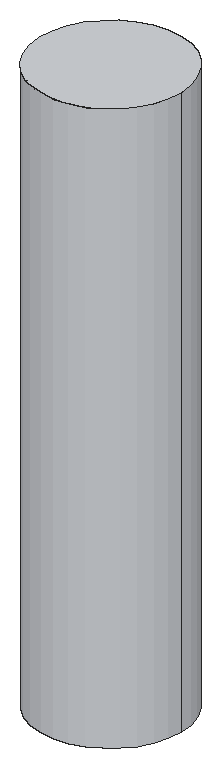
Revit family "Gewindestifte", category HLS-Bauteile, Revit 2018
Family settings
  Bemaßung runder Anschluss = Durchmesser verwenden
  Teiletyp = Normal
  Arbeitsebenenbasiert = Ja
  Immer vertikal = Nein
  Beim Laden mit Abzugskörper schneiden = Nein
  Gemeinsam genutzt = Ja
  Raumberechnungspunkt = Nein
Parameters (values of type "Gewindestift M12x 40")
  vpe = ""
  Default Elevation = 1219.2 mm
  Regelhalter [instance] = ""
  Oberflaeche = ""
  Mengeneinheit = ""
  Material = ""
  Länge Gewinde 2 = ""
  Länge Gewinde 1 = ""
  Länge = 0 mm
  L = 40 mm
  Kurztext2 = ""
  Kurztext1 = ""
  Gewinde = ""
  Gewicht pro Bauteil = Gewicht  # 0.029 kg
  Gewicht = 0.029 kg
  Firma = "MEFA Befestigungs- und Montagesysteme GmbH"
  Festigkeitsklasse = ""
  Fabrikat = ""
  EAN = ""
  D = 9.9 mm
  Artikelnummer = "0731240"
Types (28, lengths in mm): name | vpe | Oberflaeche | Mengeneinheit | Material | Länge Gewinde 1 | Länge | L | Kurztext2 | Kurztext1 | Gewinde | Gewicht pro Bauteil | Gewicht | Festigkeitsklasse | Fabrikat | EAN | D | Artikelnummer
  Gewindestift M 8x 20 | "100" | "galvanisch verzinkt" | "St" | "Stahl" | "20 mm" | 20 | 20 | "M8 x 20 mm gvz FK 4.6" | "Gewindestift DIN 976-1" | "M8" | 0.0064 kg | 0.0064 kg | "4.6" | "MEFA" | "4250928416575" | 6.5 | "0730815"
  Gewindestift M 8x 30 | "100" | "galvanisch verzinkt" | "St" | "Stahl" | "30 mm" | 30 | 30 | "M8 x 30 mm gvz FK 4.6" | "Gewindestift DIN 976-1" | "M8" | 0.0097 kg | 0.0097 kg | "4.6" | "MEFA" | "4250928416582" | 6.5 | "0730823"
  Gewindestift M 8x 35 | "100" | "galvanisch verzinkt" | "St" | "Stahl" | "35 mm" | 35 | 35 | "M8 x 35 mm gvz FK 4.6" | "Gewindestift DIN 976-1" | "M8" | 0.0113 kg | 0.0113 kg | "4.6" | "MEFA" | "4250928416797" | 6.5 | "0731358"
  Gewindestift M 8x 40 | "100" | "galvanisch verzinkt" | "St" | "Stahl" | "40 mm" | 40 | 40 | "M8 x 40 mm gvz FK 4.6" | "Gewindestift DIN 976-1" | "M8" | 0.0129 kg | 0.0129 kg | "4.6" | "MEFA" | "4250928416599" | 6.5 | "0730831"
  Gewindestift M 8x 50 | "100" | "galvanisch verzinkt" | "St" | "Stahl" | "50 mm" | 50 | 50 | "M8 x 50 mm gvz FK 4.6" | "Gewindestift DIN 976-1" | "M8" | 0.0162 kg | 0.0162 kg | "4.6" | "MEFA" | "4250928416605" | 6.5 | "0730858"
  Gewindestift M 8x 70 | "100" | "galvanisch verzinkt" | "St" | "Stahl" | "70 mm" | 70 | 70 | "M8 x 70 mm gvz FK 4.6" | "Gewindestift DIN 976-1" | "M8" | 0.0227 kg | 0.0227 kg | "4.6" | "MEFA" | "4250928416612" | 6.5 | "0730874"
  Gewindestift M 8x 90 | "100" | "galvanisch verzinkt" | "St" | "Stahl" | "90 mm" | 90 | 90 | "M8 x 90 mm gvz FK 4.6" | "Gewindestift DIN 976-1" | "M8" | 0.0293 kg | 0.0293 kg | "4.6" | "MEFA" | "4250928416629" | 6.5 | "0730890"
  Gewindestift M 8x110 | "100" | "galvanisch verzinkt" | "St" | "Stahl" | "110 mm" | 110 | 110 | "M8 x 110 mm gvz FK 4.6" | "Gewindestift DIN 976-1" | "M8" | 0.0358 kg | 0.0358 kg | "4.6" | "MEFA" | "4250928416636" | 6.5 | "0730912"
  Gewindestift M 8x140 | "100" | "galvanisch verzinkt" | "St" | "Stahl" | "140 mm" | 140 | 140 | "M8 x 140 mm gvz FK 4.6" | "Gewindestift DIN 976-1" | "M8" | 0.0456 kg | 0.0456 kg | "4.6" | "MEFA" | "4250928416643" | 6.5 | "0730940"
  Gewindestift M 8x160 | "100" | "galvanisch verzinkt" | "St" | "Stahl" | "160 mm" | 160 | 160 | "M8 x 160 mm gvz FK 4.6" | "Gewindestift DIN 976-1" | "M8" | 0.0521 kg | 0.0521 kg | "4.6" | "MEFA" | "4250928416650" | 6.5 | "0730963"
  Gewindestift M10x 20 | "100" | "galvanisch verzinkt" | "St" | "Stahl" | "20 mm" | 20 | 20 | "M10 x 20 mm gvz FK 4.6" | "Gewindestift DIN 976-1" | "M10" | 0.01 kg | 0.01 kg | "4.6" | "MEFA" | "4250928416667" | 8.2 | "0731021"
  Gewindestift M10x 25 | "100" | "galvanisch verzinkt" | "St" | "Stahl" | "25 mm" | 25 | 25 | "M10 x 25 mm gvz FK 4.6" | "Gewindestift DIN 976-1" | "M10" | 0.0126 kg | 0.0126 kg | "4.6" | "MEFA" | "4250928416674" | 8.2 | "0731032"
  Gewindestift M10x 30 | "100" | "galvanisch verzinkt" | "St" | "Stahl" | "30 mm" | 30 | 30 | "M10 x 30 mm gvz FK 4.6" | "Gewindestift DIN 976-1" | "M10" | 0.0151 kg | 0.0151 kg | "4.6" | "MEFA" | "4250928416681" | 8.2 | "0731048"
  Gewindestift M10x 35 | "100" | "galvanisch verzinkt" | "St" | "Stahl" | "35 mm" | 35 | 35 | "M10 x 35 mm gvz FK 4.6" | "Gewindestift DIN 976-1" | "M10" | 0.0177 kg | 0.0177 kg | "4.6" | "MEFA" | "4250928416926" | 8.2 | "0733350"
  Gewindestift M10x 40 | "100" | "galvanisch verzinkt" | "St" | "Stahl" | "40 mm" | 40 | 40 | "M10 x 40 mm gvz FK 4.6" | "Gewindestift DIN 976-1" | "M10" | 0.0202 kg | 0.0202 kg | "4.6" | "MEFA" | "4250928416698" | 8.2 | "0731056"
  Gewindestift M10x 50 | "100" | "galvanisch verzinkt" | "St" | "Stahl" | "50 mm" | 50 | 50 | "M10 x 50 mm gvz FK 4.6" | "Gewindestift DIN 976-1" | "M10" | 0.0253 kg | 0.0253 kg | "4.6" | "MEFA" | "4250928416704" | 8.2 | "0731064"
  Gewindestift M10x 70 | "100" | "galvanisch verzinkt" | "St" | "Stahl" | "70 mm" | 70 | 70 | "M10 x 70 mm gvz FK 4.6" | "Gewindestift DIN 976-1" | "M10" | 0.0355 kg | 0.0355 kg | "4.6" | "MEFA" | "4250928416711" | 8.2 | "0731072"
  Gewindestift M10x 90 | "100" | "galvanisch verzinkt" | "St" | "Stahl" | "90 mm" | 90 | 90 | "M10 x 90 mm gvz FK 4.6" | "Gewindestift DIN 976-1" | "M10" | 0.0458 kg | 0.0458 kg | "4.6" | "MEFA" | "4250928416728" | 8.2 | "0731099"
  Gewindestift M10x110 | "50" | "galvanisch verzinkt" | "St" | "Stahl" | "110 mm" | 110 | 110 | "M10 x 110 mm gvz FK 4.6" | "Gewindestift DIN 976-1" | "M10" | 0.056 kg | 0.056 kg | "4.6" | "MEFA" | "4250928416735" | 8.2 | "0731110"
  Gewindestift M12x 35 | "50" | "galvanisch verzinkt" | "St" | "Stahl" | "35 mm" | 35 | 35 | "M12 x 35 mm gvz FK 4.6" | "Gewindestift DIN 976-1" | "M12" | 0.0255 kg | 0.0255 kg | "4.6" | "MEFA" | "4250928416742" | 9.9 | "0731234"
  Gewindestift M12x 50 | "50" | "galvanisch verzinkt" | "St" | "Stahl" | "50 mm" | 50 | 50 | "M12 x 50 mm gvz FK 4.6" | "Gewindestift DIN 976-1" | "M12" | 0.0365 kg | 0.0365 kg | "4.6" | "MEFA" | "4250928416759" | 9.9 | "0731250"
  Gewindestift M12x 70 | "50" | "galvanisch verzinkt" | "St" | "Stahl" | "70 mm" | 70 | 70 | "M12 x 70 mm gvz FK 4.6" | "Gewindestift DIN 976-1" | "M12" | 0.0512 kg | 0.0512 kg | "4.6" | "MEFA" | "4250928416766" | 9.9 | "0731269"
  Gewindestift M12x 90 | "50" | "galvanisch verzinkt" | "St" | "Stahl" | "90 mm" | 90 | 90 | "M12 x 90 mm gvz FK 4.6" | "Gewindestift DIN 976-1" | "M12" | 0.0659 kg | 0.0659 kg | "4.6" | "MEFA" | "4250928416773" | 9.9 | "0731293"
  Gewindestift M12x110 | "50" | "galvanisch verzinkt" | "St" | "Stahl" | "110 mm" | 110 | 110 | "M12 x 110 mm gvz FK 4.6" | "Gewindestift DIN 976-1" | "M12" | 0.0806 kg | 0.0806 kg | "4.6" | "MEFA" | "4250928416780" | 9.9 | "0731315"
  Gewindestift M16x 70 | "25" | "galvanisch verzinkt" | "St" | "Stahl" | "70 mm" | 70 | 70 | "M16 x 70 mm gvz FK 4.6" | "Gewindestift DIN 976-1" | "M16" | 0.0912 kg | 0.0912 kg | "4.6" | "MEFA" | "4250928416803" | 13.6 | "0731672"
  Gewindestift M16x110 | "25" | "galvanisch verzinkt" | "St" | "Stahl" | "110 mm" | 110 | 110 | "M16 x 110 mm gvz FK 4.6" | "Gewindestift DIN 976-1" | "M16" | 0.143 kg | 0.143 kg | "4.6" | "MEFA" | "4250928416810" | 13.6 | "0731715"
  Gewindestift M16x160 | "25" | "galvanisch verzinkt" | "St" | "Stahl" | "160 mm" | 160 | 160 | "M16 x 160 mm gvz FK 4.6" | "Gewindestift DIN 976-1" | "M16" | 0.208 kg | 0.208 kg | "4.6" | "MEFA" | "4250928416827" | 13.6 | "0731763"
  Gewindestift M12x 40 | "" | "" | "" | "" | "" | 0 | 40 | "" | "" | "" | 0.029 kg | 0.029 kg | "" | "" | "" | 9.9 | "0731240"
Reference planes
  plane 1 "Mitte (Vorne/hinten)": y = 0
  plane 2: z = 0
  plane 3 "Mitte (Links/rechts)": x = 0
  plane 4: z = 40
Forms (mm)
  Extrusion 1, solid
    sketch origin (0, 0, 0) x (1, 0, 0) y (0, 1, 0)
      loop
        circle (0, 0) r 4.95
    from 0 to 40
Lines and regions (mm)
  model lines, not visible
    curve 1: line (10, 0, 40) -> (-10, 0, 40)
    curve 2: line (0, 10, 40) -> (0, -10, 40)
    curve 3: line (0, 10, 0) -> (0, -10, 0)
    curve 4: line (10, 0, 0) -> (-10, 0, 0)
    curve 5: line (0, 0, 60) -> (0, 0, -20)
Dimensions and locks
  "L": level to plane 4
  "D": diameter of Extrusion 1 sketch curve
  aligned and locked: level to plane 2
  aligned and locked: Extrusion 1 to level
  aligned and locked: Extrusion 1 to curve 1
  aligned and locked: plane 4 to Extrusion 1
  aligned and locked: curve 2 to plane 4
  aligned and locked: curve 3 to level
  aligned and locked: curve 4 to level
  aligned and locked: plane 3 "Mitte (Links/rechts)" to curve 5
  aligned and locked: curve 5 to plane 1 "Mitte (Vorne/hinten)"
Automatic sketch dimensions
  plane 1 "Mitte (Vorne/hinten)" to curve 2 = 10 mm
  plane 1 "Mitte (Vorne/hinten)" to curve 3 = 10 mm
  curve 3 to plane 1 "Mitte (Vorne/hinten)" = 10 mm
  curve 2 to plane 1 "Mitte (Vorne/hinten)" = 10 mm
  curve 4 to plane 3 "Mitte (Links/rechts)" = 10 mm
  curve 1 to plane 3 "Mitte (Links/rechts)" = 10 mm
  plane 3 "Mitte (Links/rechts)" to curve 4 = 10 mm
  plane 3 "Mitte (Links/rechts)" to curve 1 = 10 mm
  curve 5 to level = 20 mm
  plane 4 to curve 5 = 20 mm
  plane 1 "Mitte (Vorne/hinten)" to Extrusion 1 sketch curve = 0 mm
  Extrusion 1 sketch curve to plane 3 "Mitte (Links/rechts)" = 0 mm
